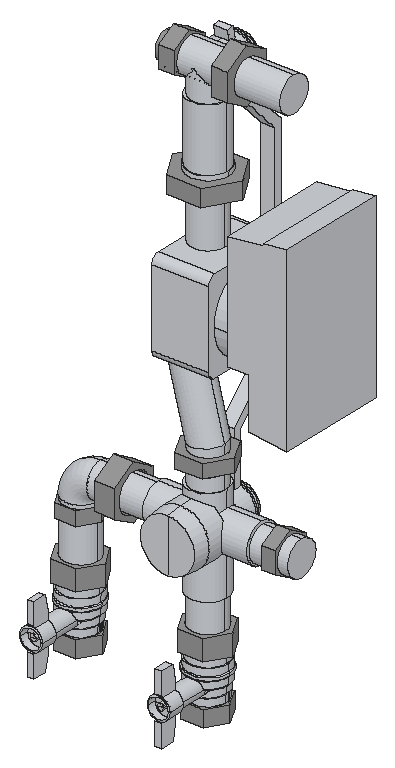
Revit family "R557RY045", category Plumbing Fixtures, Revit 2015
Parameters
  Handle Material = Plastic, Green
  Body Material = Brass
Reference planes
  plane 1 "Center (Front/Back)": y = 0
  plane 2: z = 0
  plane 3 "Center (Left/Right)": x = 0
  plane 4: x = 105.306
  plane 5: x = 13.306
  plane 6: x = 862
  plane 7: z = 125
  plane 8: z = 423
  plane 9: x = 200
Forms (mm)
  Extrusion 1, solid
    sketch origin (717.16, 8.707, 27.122) x (1, 0, 0) y (0, 0, 1)
      loop
        line (-538.985, 320.471) -> (-538.864, 319.486) -> (-565.06, 316.27) -> (-565.06, 231.777) -> (-550.06, 231.777) -> (-550.06, 194.928) -> (-522.487, 192.03)
        arc (-522.487, 192.03) -> (-519.582, 257.264) -> (-522.487, 322.497) r 734.057
        line (-522.487, 322.497) -> (-538.985, 320.471)
    from 16.265 to 96.265
  Sweep 2, solid
    path origin (680.306, -47.272, 303.391) x (1, 0, 0) y (0, 0, 1)
      loop
        line (-575, -303.391) -> (-575, -125.419) -> (-593.989, -51.175)
        arc (-593.989, -51.175) -> (-591.116, -33.405) -> (-575, -25.385) r 19.703
        line (-575, -25.385) -> (-547.045, -25.385)
    profile origin (105.306, -47.272, 88.986) x (-1, 0, 0) y (0, -1, 0)
      loop
        circle (0, 0) r 12.5
  Sweep 3, solid
    path origin (530.989, -47.272, 304.537) x (1, 0, 0) y (0, 0, 1)
      loop
        line (-517.683, -291.65) -> (-517.683, -194.233)
        arc (-517.683, -194.233) -> (-513.379, -183.841) -> (-502.987, -179.537) r 14.696
        line (-502.987, -179.537) -> (-357.987, -179.537)
    profile origin (13.306, -47.272, 61.596) x (-1, 0, 0) y (0, -1, 0)
      loop
        circle (0, 0) r 12.5
  Extrusion 4, solid, material "Brass" <- "Body Material"
    sketch origin (13.327, -47.267, 74.834) x (1, 0, 0) y (0, 1, 0)
      loop
        line (7.762, 13.44) -> (-7.762, 13.44) -> (-15.524, -0.004) -> (-7.762, -13.449) -> (7.762, -13.449) -> (15.524, -0.004) -> (7.762, 13.44)
      loop
        circle (0, -0.004) r 11
    from 23.088 to 33.088
  Extrusion 5, solid, material "Brass" <- "Body Material"
    sketch origin (13.969, -47.267, 125) x (0, 0, -1) y (0, 1, 0)
      loop
        line (9.879, 17.107) -> (-9.879, 17.107) -> (-19.758, -0.004) -> (-9.879, -17.116) -> (9.879, -17.116) -> (19.758, -0.004) -> (9.879, 17.107)
      loop
        circle (0, -0.004) r 14
    from 23.088 to 38.088
  Sweep 6, solid
    path origin (676.466, -47.272, 541.288) x (1, 0, 0) y (0, 0, 1)
      loop
        line (-571.25, -261.249) -> (-571.25, -118.288)
    profile origin (105.216, -47.272, 351.519) x (-1, 0, 0) y (0, -1, 0)
      loop
        circle (0, 0) r 12.5
  Sweep 7, solid
    path origin (396.134, -47.272, -148.25) x (0, 0, -1) y (1, 0, 0)
      loop
        line (-571.25, -315.717) -> (-571.25, -228.738)
    profile origin (123.907, -47.272, 423) x (0, 0, 1) y (0, -1, 0)
      loop
        circle (0, 0) r 12.5
  Revolve 8, solid
    sketch origin (13.306, -79.319, 36.018) x (0, -1, 0) y (1, 0, 0)
      loop
        line (0.632, 8.291) -> (0.632, 7) -> (-27.115, 7) -> (-27.115, 0) -> (10.212, 0) -> (10.212, 2.2) -> (6.89, 2.2) -> (6.89, 7.291) -> (12.563, 7.291) -> (12.097, 8.291) -> (0.632, 8.291)
      axis (-27.115, 0) -> (12.563, 0)
    angle from 0 to 360
  Extrusion 9, solid
    sketch origin (14.663, -62.935, 2.291) x (0, 1, 0) y (0, 0, -1)
      loop
        line (-17.015, -41.421) -> (-28.191, -41.421) -> (-28.947, -42.73) -> (-28.947, -58.652) -> (-19.099, -58.652) -> (-17.015, -47.933) -> (-17.015, -41.421)
      loop
        line (-19.099, -8.802) -> (-28.947, -8.802) -> (-28.947, -24.724) -> (-28.073, -26.238) -> (-17.015, -26.238) -> (-17.015, -19.522) -> (-19.099, -8.802)
    from -0.889 to 3.603
  Extrusion 10, solid, material "Brass" <- "Body Material"
    sketch origin (13.327, -47.267, 33.787) x (1, 0, 0) y (0, 1, 0)
      loop
        line (9.021, 15.621) -> (-9.021, 15.621) -> (-18.042, -0.004) -> (-9.021, -15.629) -> (9.021, -15.629) -> (18.042, -0.004) -> (9.021, 15.621)
      loop
        circle (0, -0.004) r 12.784
    from 23.088 to 38.088
  Revolve 11, solid
    sketch origin (105.286, -79.319, 23.518) x (0, -1, 0) y (1, 0, 0)
      loop
        line (0.632, 8.291) -> (0.632, 7) -> (-27.115, 7) -> (-27.115, 0) -> (10.212, 0) -> (10.212, 2.2) -> (6.89, 2.2) -> (6.89, 7.291) -> (12.563, 7.291) -> (12.097, 8.291) -> (0.632, 8.291)
      axis (-27.115, 0) -> (12.563, 0)
    angle from 0 to 360
  Extrusion 12, solid
    sketch origin (106.643, -62.935, -10.209) x (0, 1, 0) y (0, 0, -1)
      loop
        line (-17.015, -41.421) -> (-28.191, -41.421) -> (-28.947, -42.73) -> (-28.947, -58.652) -> (-19.099, -58.652) -> (-17.015, -47.933) -> (-17.015, -41.421)
      loop
        line (-19.099, -8.802) -> (-28.947, -8.802) -> (-28.947, -24.724) -> (-28.073, -26.238) -> (-17.015, -26.238) -> (-17.015, -19.522) -> (-19.099, -8.802)
    from -0.889 to 3.603
  Extrusion 13, solid, material "Brass" <- "Body Material"
    sketch origin (105.306, -47.267, -22.775) x (1, 0, 0) y (0, 1, 0)
      loop
        line (8.082, 13.993) -> (-8.082, 13.993) -> (-16.163, -0.004) -> (-8.082, -14.002) -> (8.082, -14.002) -> (16.163, -0.004) -> (8.082, 13.993)
      loop
        circle (0, -0.004) r 9
    from 23.088 to 35.088
  Extrusion 14, solid, material "Brass" <- "Body Material"
    sketch origin (105.306, -47.267, 20.975) x (1, 0, 0) y (0, 1, 0)
      loop
        line (9.021, 15.621) -> (-9.021, 15.621) -> (-18.042, -0.004) -> (-9.021, -15.629) -> (9.021, -15.629) -> (18.042, -0.004) -> (9.021, 15.621)
      loop
        circle (0, -0.004) r 12.784
    from 23.088 to 38.088
  Sweep 15, solid
    path origin (397.531, -47.272, -392.683) x (0, 0, -1) y (1, 0, 0)
      loop
        line (-517.683, -327.937) -> (-517.683, -252.937)
    profile origin (107.094, -47.272, 125) x (0, 0, 1) y (0, -1, 0)
      loop
        circle (0, 0) r 14
  Revolve 16, solid
    sketch origin (0, -47.272, 0) x (1, 0, 0) y (0, 0, 1)
      loop
        line (13.327, 24.812) -> (26.028, 24.812) -> (26.028, 30.078) -> (27.108, 31.158) -> (27.108, 36.158) -> (28.188, 37.238) -> (28.188, 42.238) -> (28.959, 43.009) -> (28.959, 45.009) -> (28.188, 45.779) -> (28.188, 50.779) -> (27.108, 50.779) -> (27.108, 56.877) -> (13.327, 56.877) -> (13.327, 24.812)
      axis (13.306, 56.877) -> (13.306, 24.812)
    angle from 0 to 360
  Revolve 17, solid
    sketch origin (92, -47.272, -12.5) x (1, 0, 0) y (0, 0, 1)
      loop
        line (13.327, 24.812) -> (26.028, 24.812) -> (26.028, 30.078) -> (27.108, 31.158) -> (27.108, 36.158) -> (28.188, 37.238) -> (28.188, 42.238) -> (28.959, 43.009) -> (28.959, 45.009) -> (28.188, 45.779) -> (28.188, 50.779) -> (27.108, 50.779) -> (27.108, 56.634) -> (13.327, 56.634) -> (13.327, 24.812)
      axis (13.306, 56.634) -> (13.306, 24.812)
    angle from 0 to 360
  Extrusion 18, solid, material "Brass" <- "Body Material"
    sketch origin (188.077, -47.267, 125) x (0, 0, 1) y (0, 1, 0)
      loop
        line (7.762, 13.44) -> (-7.762, 13.44) -> (-15.524, -0.004) -> (-7.762, -13.449) -> (7.762, -13.449) -> (15.524, -0.004) -> (7.762, 13.44)
      loop
        circle (0, -0.004) r 11
    from 23.088 to 33.088
  Sweep 19, solid
    path origin (-412.377, -47.272, -167.225) x (-1, 0, 0) y (0, 0, -1)
      loop
        line (-517.683, -317.937) -> (-517.683, -247.937)
    profile origin (105.306, -47.272, 115.713) x (0, -1, 0) y (1, 0, 0)
      loop
        circle (0, 0) r 14
  Extrusion 20, solid, material "Brass" <- "Body Material"
    sketch origin (105.306, -47.267, 140.191) x (1, 0, 0) y (0, 1, 0)
      loop
        line (9.879, 17.107) -> (-9.879, 17.107) -> (-19.758, -0.004) -> (-9.879, -17.116) -> (9.879, -17.116) -> (19.758, -0.004) -> (9.879, 17.107)
      loop
        circle (0, -0.004) r 12
    from 23.088 to 33.088
  Extrusion 21, solid, material "Brass" <- "Body Material"
    sketch origin (115.505, -47.267, 422.912) x (0, 0, 1) y (0, 1, 0)
      loop
        line (7.762, 13.44) -> (-7.762, 13.44) -> (-15.524, -0.004) -> (-7.762, -13.449) -> (7.762, -13.449) -> (15.524, -0.004) -> (7.762, 13.44)
      loop
        circle (0, -0.004) r 10
    from 23.088 to 35.088
  Extrusion 22, solid, material "Brass" <- "Body Material"
    sketch origin (13.306, -47.267, -10.275) x (1, 0, 0) y (0, 1, 0)
      loop
        line (8.082, 13.993) -> (-8.082, 13.993) -> (-16.163, -0.004) -> (-8.082, -14.002) -> (8.082, -14.002) -> (16.163, -0.004) -> (8.082, 13.993)
      loop
        circle (0, -0.004) r 9
    from 23.088 to 35.088
  Extrusion 23, solid
    sketch origin (100, 0, 0) x (0, 1, 0) y (0, 0, 1)
      loop
        line (-28.897, 107.358) -> (-23.897, 107.358) -> (-23.897, 176.108) -> (12.5, 212.505) -> (12.5, 361.568) -> (-22.697, 396.765) -> (-30.289, 439.822) -> (-35.213, 438.954) -> (-27.405, 394.669) -> (7.5, 357.293) -> (7.5, 214.576) -> (-28.897, 178.179) -> (-28.897, 107.358)
    from 0 to 10
  Revolve 24, solid
    sketch origin (105.313, 0, 0.312) x (0, 1, 0) y (0, 0, 1)
      loop
        line (-56.225, 125) -> (-56.225, 145.636) -> (-71.767, 145.636) -> (-83.434, 144.41) -> (-83.434, 125) -> (-56.225, 125)
      axis (-56.225, 125) -> (-83.434, 125)
    angle from 0 to 360
  Revolve 25, solid
    sketch origin (105.313, -92.356, 0) x (0, -1, 0) y (0, 0, -1)
      loop
        line (-54.975, -125) -> (-76.666, -125) -> (-76.666, -131.577)
        arc (-76.666, -131.577) -> (-76.346, -132.351) -> (-75.572, -132.671) r 1.094
        line (-75.572, -132.671) -> (-75.572, -137.671)
        arc (-75.572, -137.671) -> (-74.757, -138.508) -> (-73.63, -138.815) r 2.221
        line (-73.63, -138.815) -> (-71.307, -138.815)
        arc (-71.307, -138.815) -> (-70.498, -139.907) -> (-69.204, -140.323) r 2.221
        line (-69.204, -140.323) -> (-54.975, -140.323) -> (-54.975, -125)
      axis (-54.975, -125) -> (-76.666, -125)
    angle from 0 to 360
  Revolve 26, solid
    sketch origin (105.313, -92.356, 291.75) x (0, -1, 0) y (0, 0, -1)
      loop
        line (-49.773, -125) -> (-76.666, -125) -> (-76.666, -131.577)
        arc (-76.666, -131.577) -> (-76.346, -132.351) -> (-75.572, -132.671) r 1.094
        line (-75.572, -132.671) -> (-75.572, -137.671)
        arc (-75.572, -137.671) -> (-74.757, -138.508) -> (-73.63, -138.815) r 2.221
        line (-73.63, -138.815) -> (-71.307, -138.815)
        arc (-71.307, -138.815) -> (-70.498, -139.907) -> (-69.204, -140.323) r 2.221
        line (-69.204, -140.323) -> (-49.773, -140.323) -> (-49.773, -125)
      axis (-49.773, -125) -> (-76.666, -125)
    angle from 0 to 360
  Extrusion 27, solid, material "Brass" <- "Body Material"
    sketch origin (105.306, -47.267, 318.941) x (1, 0, 0) y (0, 1, 0)
      loop
        line (12.5, 21.646) -> (-12.5, 21.646) -> (-25, -0.004) -> (-12.5, -21.655) -> (12.5, -21.655) -> (25, -0.004) -> (12.5, 21.646)
      loop
        circle (0, -0.004) r 10
    from 23.088 to 35.088
  Extrusion 28, solid, material "Brass" <- "Body Material"
    sketch origin (103.505, -47.267, 423) x (0, 0, 1) y (0, 1, 0)
      loop
        circle (0, -0.004) r 10
    from 23.088 to 28.088
  Sweep 29, solid
    path origin (-412.377, -47.272, -153.174) x (-1, 0, 0) y (0, 0, -1)
      loop
        line (-517.683, -316.437) -> (-517.683, -314.437)
    profile origin (105.306, -47.272, 162.264) x (0, -1, 0) y (1, 0, 0)
      loop
        circle (0, 0) r 14
  Sweep 30, solid
    path origin (-412.377, -47.272, 39.748) x (-1, 0, 0) y (0, 0, -1)
      loop
        line (-517.683, -317.195) -> (-517.683, -314.195)
    profile origin (105.306, -47.272, 355.443) x (0, -1, 0) y (1, 0, 0)
      loop
        circle (0, 0) r 15
  Extrusion 31, solid, material "Brass" <- "Body Material"
    sketch origin (98.697, -47.267, 423) x (0, 0, -1) y (0, 1, 0)
      loop
        line (9.879, 17.107) -> (-9.879, 17.107) -> (-19.758, -0.004) -> (-9.879, -17.116) -> (9.879, -17.116) -> (19.758, -0.004) -> (9.879, 17.107)
      loop
        circle (0, -0.004) r 12
    from 23.088 to 35.088
  Sweep 32, solid
    path origin (-412.377, -47.272, 72.775) x (-1, 0, 0) y (0, 0, -1)
      loop
        line (-517.683, -329.504) -> (-517.683, -279.504)
    profile origin (105.306, -47.272, 377.279) x (0, -1, 0) y (1, 0, 0)
      loop
        circle (0, 0) r 14
  Extrusion 33, solid
    sketch origin (-6.25, 0, -9.375) x (0, 1, 0) y (0, 0, 1)
      loop
        circle (-47.272, 283.006) r 30
    from 139.511 to 175.226
  Extrusion 34, solid
    sketch origin (-6.25, 0, -1.25) x (0, 1, 0) y (0, 0, 1)
      loop
        line (-19.353, 308.568) -> (-75.721, 308.568)
        arc (-75.721, 308.568) -> (-79.915, 306.831) -> (-81.652, 302.638) r 5.93
        line (-81.652, 302.638) -> (-81.652, 247.426)
        arc (-81.652, 247.426) -> (-79.915, 243.233) -> (-75.721, 241.496) r 5.93
        line (-75.721, 241.496) -> (-19.353, 241.496)
        arc (-19.353, 241.496) -> (-15.16, 243.233) -> (-13.423, 247.426) r 5.93
        line (-13.423, 247.426) -> (-13.423, 302.638)
        arc (-13.423, 302.638) -> (-15.16, 306.831) -> (-19.353, 308.568) r 5.93
    from 98.633 to 139.511
Dimensions and locks
  plane 5 to plane 4 = 92 mm  (x2)
  plane 8 to plane 7 = 298 mm
  plane 7 to level = 125 mm
  aligned and locked: level to plane 2
